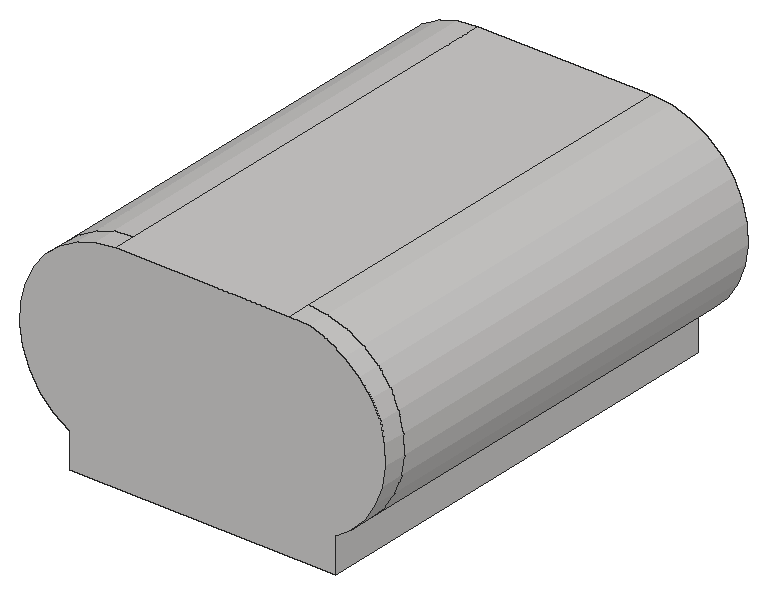
Revit family "KEUCO_14988010000_", category Generic Models, Revit 2016
Family settings
  Part Type = Normal
  Can host rebar = No
  Round Connector Dimension = Use Diameter
  Work Plane-Based = Yes
  Always vertical = No
  Cut with Voids When Loaded = No
  Shared = No
  Room Calculation Point = No
Parameters
  Default Elevation = 1219.2 mm
  Verwendung = ""
  URL = "https://www.keuco.com"
  Serie = "Plan"  # constant formula
  Stange Material = Edelstahl
  Rail Length = 851 mm
  Preisgruppe = ""
  Materialien bei Hersteller anfragen = "Anfrage zu:  objektmanagement@keuco.de"
  Kategorie = "ACC"  # constant formula
  Manufacturer = "KEUCO"  # constant formula
  Gewicht = 2.718
  Description = "--"
  Assembly Code = ""
  Ausschreibungstext = ""
  Artikelnummer = "14988010000"
Types (4, lengths in mm): name | URL | Stange Material | Materialien bei Hersteller anfragen | Description | Ausschreibungstext | Artikelnummer
  (no name) | "https://www.keuco.com" | Edelstahl | "Anfrage zu:  objektmanagement@keuco.de" | "--" | "" | "14988010000"
  14988070000 | "https://www.keuco.com/de/produkte/sortiment/artikel/?pid=14988&oid=1&pgo=28&country=de&lang=de&vid=14988070000" | Edelstahl | "Request to:  objektmanagement@keuco.de" | "wandhängend\r\nFassungsvermögen: 30 l" | "KEUCO PLAN Abfallsammler 14988070000\r\nAbfallsammler aus hochwertigem Edelstahl \r\nzur Wandmontage, 30l Fassungsvermögen\r\nHöhe 493 mm, Breite 391 mm, Ausladung 235 mm\r\nDer Abfallsammler wird verdeckt angebracht\r\nLieferung inkl. korrosionsfreiem Befestigungsmaterial" | "14988070000"
  14988010000 | "https://www.keuco.com/de/produkte/sortiment/artikel/?pid=14988&oid=1&pgo=28&country=de&lang=de&vid=14988010000" | Verchromt | "Request to:  objektmanagement@keuco.de" | "wandhängend\r\nFassungsvermögen: 30 l" | "KEUCO PLAN Abfallsammler 14988010000\r\nAbfallsammler in Chrom-finish (Edelstahl poliert) \r\nzur Wandmontage, 30l Fassungsvermögen\r\nHöhe 493 mm, Breite 391 mm, Ausladung 235 mm\r\nDer Abfallsammler wird verdeckt angebracht\r\nLieferung inkl. korrosionsfreiem Befestigungsmaterial" | "14988010000"
  14988170000 | "https://www.keuco.com/de/produkte/sortiment/artikel/?pid=14988&oid=1&pgo=28&country=de&lang=de&vid=14988170000" | Aluminium silber-eloxiert (E6 EV1) | "Request to:  objektmanagement@keuco.de" | "wandhängend\r\nFassungsvermögen: 30 l" | "KEUCO PLAN Abfallsammler 14988170000\r\nAbfallsammler aus silber-eloxiertem Aluminium (E6 EV1) \r\nzur Wandmontage, 30l Fassungsvermögen\r\nHöhe 493 mm, Breite 391 mm, Ausladung 235 mm\r\nDer Abfallsammler wird verdeckt angebracht\r\nLieferung inkl. korrosionsfreiem Befestigungsmaterial" | "14988170000"
Reference planes
  plane 1 "Center (Front/Back)": y = 0
  plane 2: z = 0
  plane 3 "Center (Left/Right)": x = 0
Forms (mm)
  Extrusion 1, solid, material "Edelstahl" <- "Stange Material"
    sketch origin (0, 0, 0) x (-1, 0, 0) y (0, 0, -1)
      loop
        line (135.625, -37.724) -> (135.625, 0) -> (-154.375, 0) -> (-154.375, -37.672)
        arc (-154.375, -37.672) -> (-205.635, -155.169) -> (-104.422, -233.838) r 104.443
        line (-104.422, -233.838) -> (85.578, -233.838)
        arc (85.578, -233.838) -> (186.778, -155.22) -> (135.625, -37.724) r 104.443
      loop
        arc (-105, -40) -> (-195.591, -130.591) -> (-105, -221.181) r 90.591
        line (-105, -221.181) -> (85, -221.181)
        arc (85, -221.181) -> (175.591, -130.591) -> (85, -40) r 90.591
        line (85, -40) -> (-105, -40)
    from -492.17 to -25.404
  Extrusion 2, solid, material "Edelstahl" <- "Stange Material"
    sketch origin (0, 0, 0) x (-1, 0, 0) y (0, 0, -1)
      loop
        line (135.625, -37.724) -> (135.625, 0) -> (-154.375, 0) -> (-154.375, -37.672)
        arc (-154.375, -37.672) -> (-205.635, -155.169) -> (-104.422, -233.838) r 104.443
        line (-104.422, -233.838) -> (85.578, -233.838)
        arc (85.578, -233.838) -> (186.778, -155.22) -> (135.625, -37.724) r 104.443
    from -25.404 to 0
Cuts and joins
  joined: Extrusion 1, Extrusion 2
Dimensions and locks
  Extrusion 1 to plane 1 "Center (Front/Back)" = 492.17 mm
  aligned and locked: level to plane 2
  aligned and locked: plane 1 "Center (Front/Back)" to Extrusion 2
  aligned and locked: Extrusion 2 to Extrusion 1
